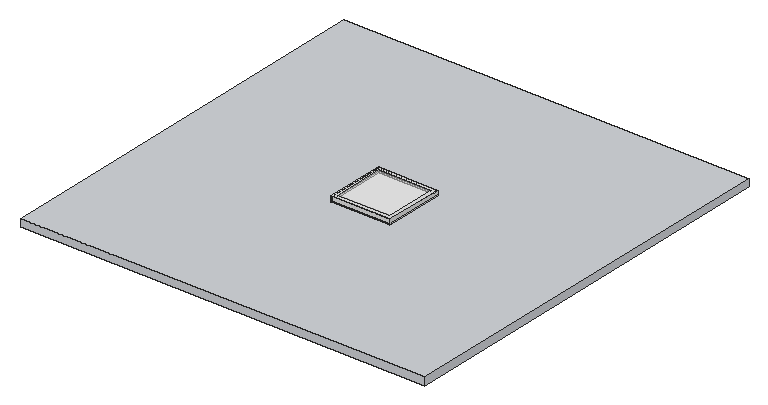
Revit family "P810021-030-30", category Lighting Fixtures, host Face, Revit 2014
Parameters (values of type "P810021-030-30")
  Watts = 20 W
  Wattage Comments = "20W"
  Wattage = 15 W
  Warranty = "1 year Warranty"  # constant formula
  built-in parameter 1150110 = 1 (stored number, unit not read)
  Voltage = 120 V
  URL = "https://www.hubbell.com/progresslighting/en"
  built-in parameter 1114217 = 1 (stored number, unit not read)
  Tilt Angle = 60.00°
  built-in parameter 1150109 = 1 (stored number, unit not read)
  built-in parameter 1150134 = 3
  built-in parameter 1150113 = 1 (stored number, unit not read)
  Square = 14.00"
  Product Link = "https://www.hubbell.com/progresslighting/en/Products/Lighting-Controls/Residential-Indoor-Lighting/New-Indoor-Products/Everlume-Collection-White-14-Edgelit-Square/p/4035370"
  Product Documentation Link = "https://hubbellcdn.com/specsheet/PROG_P810021-030-30_spec.pdf"
  Power Factor = 1
  Photometric Web File = "generic"
  built-in parameter 1150142 = (empty or 0)
  Model = "P810021-030-30"  # constant formula
  Manufacturer = "Progress Lighting"  # constant formula
  built-in parameter 1150105 = 119.37 (stored number, unit not read)
  Lumens = 1500 lm
  built-in parameter 1150115 = 1 (stored number, unit not read)
  Load Classification = Lighting
  built-in parameter 1150137 = (empty or 0)
  built-in parameter 1150139 = (empty or 0)
  built-in parameter 1150112 = 1 (stored number, unit not read)
  built-in parameter 1150114 = 1 (stored number, unit not read)
  built-in parameter 1150132 = (empty or 0)
  built-in parameter 1150102 = (empty or 0)
  built-in parameter 1150107 = 3200 (stored number, unit not read)
  built-in parameter 1150138 = (empty or 0)
  built-in parameter 1150106 = 1.1937 (stored number, unit not read)
  Glass = Hubbell - White Glass
  Lamp = "LED"  # constant formula
  Housing Material = Paint - Hubbell - White Texture
  Fixture distribution = "Direct"  # constant formula
  Features = "•\t14inch square Everlume Edgelit surface mount with LED technology 3000K, 90 CRI, 1600 lumens (delivered)\r\n•\tSimple installation to steel mounting plate\r\n•\tFixture is adjustable after installation, allowing for easy alignment\r\n•\tLight weight non-conductive polycarbonate luminaire construction\r\n•\tPolycarbonate diffuser and acrylic light guide controls glare and provides an evenly illuminated surface\r\n•\tIntegrated DC LED power supply capable of flicker-free dimming to 10% brightness with many Triac/Forward Phase and ELV/Reverse Phase dimmers\r\n•\tCan be installed to 4inch octagonal j-box, 4x1/2inch round shallow j-box and 4inch round PVC j-box\r\n•\tCan be mounted on ceiling or wall\r\n•\tSuitable for use in IC or Non-IC applications\r\n•\tMeets California Title 24 JA8-2019 and is Energy Star listed\r\n•\tSuitable for use in clothes closets when installed in accordance with the NEC 410.16 spacing requirements.\r\n•\tMaximum 25 luminaires on a circuit (without dimmer).\r\n•\t50,000 hour rated lifetime\r\n\r\n"  # constant formula
  Emit from Rectangle Width = Square - 2.00"  # 12.00"
  Emit from Rectangle Length = Square - 2.00"  # 12.00"
  Emit Shape Visible in Rendering = no
  built-in parameter 1150104 = 9.2903 (stored number, unit not read)
  Dimming Lamp Color Temperature Shift = <None>
  Description = "Edgelit technology creates a large glare-free and evenly illuminated surface for a variety of applications for both residential and commercial settings. Offering a low-profile design, LED Flush Mount is available in three sizes: 7inch, 11inch, and 14inch, in a White finish. The integrated driver does not recess into junction box, allowing for easy installation into 4inch octagonal, 4inch round PVC and 4-1/2inch ceiling pan junction boxes. Wet location listed and offers a 50,000-hour LED life."  # constant formula
  Default Elevation = 48.00"
  Copyright = " ©2020 Progress Lighting, a division of Hubbell Lighting, Inc"  # constant formula
  Contact = "https://www.hubbell.com/progresslighting/en/contactUs"
  Connector Description = ""
  Color Filter = 16777215
  built-in parameter 1114218 = 1 (stored number, unit not read)
  built-in parameter 1150133 = 10 (stored number, unit not read)
  Assembly Code = "D5020200"
  Apparent Load = Watts / Power Factor  # 20 VA
Reference planes (in)
  plane 1 "Center (Front/Back)": y = 0
  plane 2: z = 0.5561
  plane 3 "Center (Left/Right)": x = 0
  plane 4: x = -7
  plane 5: x = 7
  plane 6: y = 7
  plane 7: y = -7
Forms (in)
  Extrusion 1, solid
    sketch origin (0, 0, 0) x (1, 0, 0) y (0, 1, 0)
      loop
        line (-48, 48) -> (-48, -48) -> (48, -48) -> (48, 48) -> (-48, 48)
    from 0.5561 to -1.25
  Sweep 2, solid, material "Paint - Hubbell - White Texture" <- "Housing Material"
    path origin (0, 0, 0) x (1, 0, 0) y (0, 1, 0)
      loop
        line (-7, 7) -> (-7, -7) -> (7, -7) -> (7, 7) -> (-7, 7)
    profile origin (0, 7, 0) x (0, 1, 0) y (0, 0, 1)
      loop
        line (0, 0.5561) -> (0, 1.6811) -> (-0.81066, 1.6811) -> (-0.81066, 1.62555) -> (-0.06066, 1.62555) -> (-0.06066, 0.5561) -> (0, 0.5561)
  Extrusion 3, solid, material "Hubbell - White Glass" <- "Glass"
    sketch origin (0, 0, 0) x (1, 0, 0) y (0, 1, 0)
      loop
        line (-6.93934, 6.93934) -> (-6.93934, -6.93934) -> (6.93934, -6.93934) -> (6.93934, 6.93934) -> (-6.93934, 6.93934)
    from 1.53 to 1.62555
  Extrusion 4, solid, material "Paint - Hubbell - White Texture" <- "Housing Material"
    sketch origin (0, 0, 0) x (1, 0, 0) y (0, 1, 0)
      loop
        line (-7, 7) -> (-7, -7) -> (7, -7) -> (7, 7) -> (-7, 7)
    from 0.5561 to 0.67962
Dimensions and locks (in)
  equal spacing: plane 4, plane 3 "Center (Left/Right)", plane 5
  "Square": plane 4 to plane 5
  equal spacing: plane 7, plane 1 "Center (Front/Back)", plane 6
  "Square": plane 7 to plane 6
  aligned and locked: plane 2 to Extrusion 1
Automatic sketch dimensions
  Extrusion 1 sketch curve to Extrusion 1 sketch curve = 96.00"  (x2)
  Sweep 2 sketch curve to plane 4 = 0.00"
  Sweep 2 sketch curve to plane 5 = 0.00"
  plane 7 to Sweep 2 sketch curve = 0.00"
  plane 6 to Sweep 2 sketch curve = 0.00"
  Sweep 2 sketch curve to profile plane = 0.00"
  profile plane to Sweep 2 sketch curve = 0.06066"
  Sweep 2 sketch curve to Sweep 2 sketch curve = 0.75"
  level to Sweep 2 sketch curve = 0.5561"
  Sweep 2 sketch curve to Sweep 2 sketch curve = 1.06945"
  Sweep 2 sketch curve to Sweep 2 sketch curve = 0.05555"
  plane 4 to Extrusion 3 sketch curve = 0.06066"
  Extrusion 3 sketch curve to plane 5 = 0.06066"
  Extrusion 3 sketch curve to plane 7 = 0.06066"
  plane 6 to Extrusion 3 sketch curve = 0.06066"
  Extrusion 4 sketch curve to plane 4 = 0.00"
  Extrusion 4 sketch curve to plane 5 = 0.00"
  plane 7 to Extrusion 4 sketch curve = 0.00"
  plane 6 to Extrusion 4 sketch curve = 0.00"
Connectors (in)
  electrical at (0, 0, 0.5561), driven by "Voltage", driven by "Apparent Load", driven by "Power Factor", driven by "Connector Description"
    settings: on Sweep 2, index 1, voltage 120 V, apparent load 20 VA, apparent load phase1 0 VA, apparent load phase2 0 VA, apparent load phase3 0 VA, power factor 1, load classification "Other", number of poles 1, system type 30, power factor state 1, is connector primary yes, connector utility no, sub classification motor no, connector description ""
